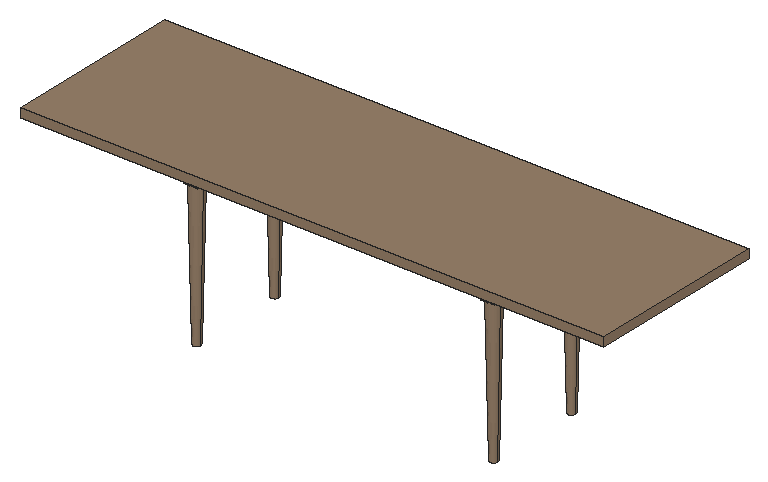
Revit family "Oak", category Мебель, Revit 2017
Family settings
  Номер OmniClass = 23.40.20.00
  Заголовок OmniClass = General Furniture and Specialties
  На основе рабочей плоскости = Нет
  Всегда вертикально = Да
  При загрузке вырезать с полостями = Нет
  Общий = Нет
  Точка расчета площади = Нет
Parameters (values of type "HB-500")
  URL = "http://file-system.ru/catalog/zdaniya_i_sooruzheniya/interer/mebel/_oak_hb_500_skandiform_stol/"
  Type Comments = "Created by Astacus AB\r\nCreated by Astacus AB\r\n"
  Группа модели = "HB-500"
  Material = Skandiform Wood Oak
  Изготовитель = "Skandiform AB"
  Length = 2400 mm
  Keynote = "XBE.1\r\n"
  Описание = "Table in solid ash or oak, turned legs"
  Width = 740 mm
  Table Leg = HB-500-Legrfa : HB-500-Legrfa
Types (5, lengths in mm): name | URL | Type Comments | Группа модели | Length | Width | Table Leg
  (no name) | "http://file-system.ru/catalog/zdaniya_i_sooruzheniya/interer/mebel/_oak_hb_500_skandiform_stol/" | "Created by Astacus AB\r\nCreated by Astacus AB\r\n" | "HB-500" | 2400 | 740 | HB-500-Legrfa : HB-500-Legrfa
  HB-500 | "http://file-system.ru/catalog/zdaniya_i_sooruzheniya/interer/mebel/_oak_hb_500_skandiform_stol/" | "Created by Astacus AB\r\nCreated by Astacus AB\r\n" | "HB-500" | 2400 | 740 | HB-500-Legrfa : HB-500-Legrfa
  HB-501 | "http://www.biminfo.se/?productid=333199" | "Created by Astacus AB\r\n" | "HB-501" | 3150 | 740 | HB-501-Legrfa : HB-501-Legrfa
  HB-502 | "http://www.biminfo.se/?productid=333199" | "Created by Astacus AB\r\n" | "HB-502" | 2400 | 850 | HB-502-Legrfa : HB-502-Legrfa
  HB-505 | "http://www.biminfo.se/?productid=333199" | "Created by Astacus AB\r\n" | "HB-505" | 1800 | 600 | HB-505-Legrfa : HB-505-Legrfa
Reference planes
  plane 1 "Center (Front/Back)": y = 0
  plane 2: z = 0
  plane 3 "Center (Left/Right)": x = 0
Forms (mm)
  Extrusion 1, solid, material "Skandiform Wood Oak" <- "Material"
    sketch origin (0, 0, 0) x (1, 0, 0) y (0, 1, 0)
      loop
        line (-1200, 370) -> (-1200, -370) -> (1200, -370) -> (1200, 370) -> (-1200, 370)
    from 700 to 735
Lines and regions (mm)
  Masking region 1
    outline origin (0, 0, 0) x (1, 0, 0) y (0, 1, 0)
      loop
        line (-1200, 370) -> (-1200, -370) -> (1200, -370) -> (1200, 370) -> (-1200, 370)
Dimensions and locks
  equal spacing: Extrusion 1 sketch curve, plane 3 "Center (Left/Right)", Extrusion 1 sketch curve
  equal spacing: Extrusion 1 sketch curve, plane 1 "Center (Front/Back)", Extrusion 1 sketch curve
  "Length": Extrusion 1 sketch curve to Extrusion 1 sketch curve
  "Width": Extrusion 1 sketch curve to Extrusion 1 sketch curve
  aligned and locked: level to plane 2
  aligned and locked: Masking region 1 sketch curve to Extrusion 1  (x4)
Nested families
  nested 1: "HB-500-Legrfa" at (0, 0, 0), type <- "Table Leg", type "HB-500-Legrfa"
Definition of nested family "HB-500-Legrfa"
  Parameters
    Model = ""
    Manufacturer = "Skandiform"
    Description = ""
    Bordsben = none
  Reference planes
    plane 1 "Center (Front/Back)": y = 0
    plane 2: z = 0
    plane 3 "Center (Left/Right)": x = 0
  Forms (mm)
    Extrusion 1, solid, material <- "Bordsben"
      sketch origin (0, 0, 0) x (1, 0, 0) y (0, 1, 0)
        loop
          line (-640.566, 229.949) -> (-640.566, 169.949) -> (-580.566, 169.949) -> (-580.566, 229.949) -> (-640.566, 229.949)
        loop
          line (-640.566, -230.051) -> (-580.566, -230.051) -> (-580.566, -170.051) -> (-640.566, -170.051) -> (-640.566, -230.051)
        loop
          line (639.434, -230.051) -> (639.434, -170.051) -> (579.434, -170.051) -> (579.434, -230.051) -> (639.434, -230.051)
        loop
          line (579.434, 169.949) -> (639.434, 169.949) -> (639.434, 229.949) -> (579.434, 229.949) -> (579.434, 169.949)
      from 595 to 700
    Extrusion 2, solid, material <- "Bordsben"
      sketch origin (0, 0, 0) x (0, 1, 0) y (0, 0, 1)
        loop
          line (-20.051, 630) -> (19.949, 630) -> (19.949, 700) -> (-20.051, 700) -> (-20.051, 630)
      from -590.566 to 594.322
    Extrusion 3, solid, material <- "Bordsben"
      sketch origin (0, 0, 0) x (0, 1, 0) y (0, 0, 1)
        loop
          line (169.949, 700) -> (-170.051, 700) -> (-170.051, 660) -> (-20.051, 630) -> (19.949, 630) -> (169.949, 660) -> (169.949, 700)
      from -21.021 to 19.511
    Extrusion 4, solid, material <- "Bordsben"
      sketch origin (0, 0, 0) x (1, 0, 0) y (0, 1, 0)
        loop
          line (-590.529, -170.051) -> (-590.529, 169.949) -> (-630.566, 169.949) -> (-630.566, -170.051) -> (-590.529, -170.051)
      from 630 to 700
    Extrusion 5, solid, material <- "Bordsben"
      sketch origin (0, 0, 0) x (-1, 0, 0) y (0, -1, 0)
        loop
          line (-590.529, 170.051) -> (-630.566, 170.051) -> (-630.566, -169.949) -> (-590.529, -169.949) -> (-590.529, 170.051)
      from 630 to 700
    Blend 6, solid, material <- "Bordsben"
      base sketch origin (0, 0, 0) x (1, 0, 0) y (0, 1, 0)
        loop
          circle (-610.294, -200.471) r 15
      top sketch origin (0, 0, 0) x (1, 0, 0) y (0, 1, 0)
        loop
          circle (-610.294, -200.471) r 30.098
      from 0 to 595
    Blend 7, solid, material <- "Bordsben"
      base sketch origin (0, 0, 0) x (-1, 0, 0) y (0, -1, 0)
        loop
          circle (-610.294, 200.471) r 15
      top sketch origin (0, 0, 0) x (-1, 0, 0) y (0, -1, 0)
        loop
          circle (-610.294, 200.471) r 30.098
      from 0 to 595
    Blend 8, solid, material <- "Bordsben"
      base sketch origin (0, 0, 0) x (1, 0, 0) y (0, 1, 0)
        loop
          circle (-610.294, 200.471) r 15
      top sketch origin (0, 0, 0) x (1, 0, 0) y (0, 1, 0)
        loop
          circle (-610.294, 200.471) r 30.098
      from 0 to 595
    Blend 9, solid, material <- "Bordsben"
      base sketch origin (0, 0, 0) x (-1, 0, 0) y (0, -1, 0)
        loop
          circle (-610.294, -200.471) r 15
      top sketch origin (0, 0, 0) x (-1, 0, 0) y (0, -1, 0)
        loop
          circle (-610.294, -200.471) r 30.098
      from 0 to 595
  Cuts and joins
    joined: Extrusion 2, Extrusion 3
  Dimensions and locks
    aligned and locked: level to plane 2
